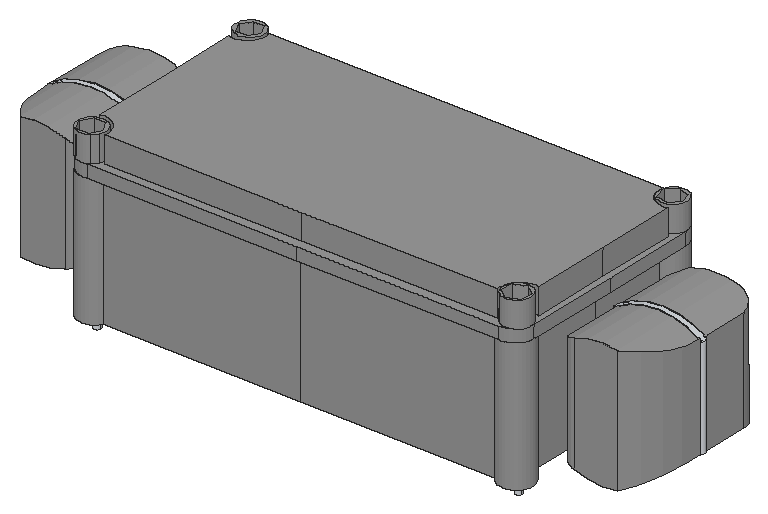
Revit family "CWP2LIFE-PRO-WPPOD-HV", category Lighting Fixtures, host Face, Revit 2020
Family settings
  Host = Face
  Round Connector Dimension = Use Diameter
  Part Type = Normal
  OmniClass Number = 23.80.70.11.21
  OmniClass Title = Emergency Lighting
  Cut with Voids When Loaded = No
  Light Source = Yes
  Shared = No
  Room Calculation Point = No
Parameters
  built-in parameter 1150107 = 3200 (stored number, unit not read)
  Straight line 'Face two' = no
  Straight line 'Face one' = no
  Straight line = no
  Runing Man common arrow = no
  Wattage = 9.2903 W
  built-in parameter 1150110 = 1 (stored number, unit not read)
  built-in parameter 1150109 = 1 (stored number, unit not read)
  built-in parameter 1114218 = 1 (stored number, unit not read)
  built-in parameter 1150113 = 1 (stored number, unit not read)
  built-in parameter 1150112 = 1 (stored number, unit not read)
  built-in parameter 1150137 = (empty or 0)
  built-in parameter 1150132 = (empty or 0)
  Model = ""
  Material = Clevertronics_White
  built-in parameter 1150105 = 109.82 (stored number, unit not read)
  built-in parameter 1150102 = (empty or 0)
  Dimming Lamp Color Temperature Shift = (empty or 0)
  Lumens = 1380 lm
  Color Filter = 16777215
  Photometric Web File = "CWP2LIFE-PRO-WPPOD_IESR_E_669-3_20180810.ies"
  built-in parameter 1114217 = 1 (stored number, unit not read)
  built-in parameter 1150139 = (empty or 0)
  Manufacturer = "Clevertronics"  # constant formula
  Lamp = "Twin Dual LED (Lifetime warranty on the lamp head and loom assembly)"  # constant formula
  Indication Right 'Face one' = no
  Indication Right = no
  Indication Left 'Face one' = yes
  Indication Left 'Face Two' = no
  Indication Left = yes
  built-in parameter 1150104 = 13.8 (stored number, unit not read)
  built-in parameter 1150106 = 1.0982 (stored number, unit not read)
  built-in parameter 1150115 = 1 (stored number, unit not read)
  built-in parameter 1150114 = 1 (stored number, unit not read)
  Description = "LP Premium LifeLight PRO, high performance, surface mounted IP65 Emergency with twin\r\nrotatable LED Pods"  # constant formula
  Default Elevation = 2100 mm
  built-in parameter 1150138 = (empty or 0)
  built-in parameter 1150134 = 3
  Clevertronics_Weight = "3.4kg"  # constant formula
  Clevertronics_Testing System = "Zoneworks XT HIVE (RF)"  # constant formula
  Clevertronics_Replacement Lamp = "2750353"  # constant formula
  Clevertronics_Replacement Battery = "1550050:Battery, LP 3.2V 3200mAh 70mm lead, no Bracket"  # constant formula
  Clevertronics_Product Description = "LP Premium LifeLight PRO, high performance, surface mounted IP65 Emergency with twin rotatable LED Pods"  # constant formula
  Clevertronics_Power Consumption = "0.8 Watts (Standby), 5.5 Watts (Max)"  # constant formula
  Clevertronics_Part Number = "CWP2LIFE-PRO-WPPOD-HV"  # constant formula
  Clevertronics_Operating Voltage = "240V AC; 50Hz"  # constant formula
  Clevertronics_Operating Temperature = "0˚C to 40˚C"  # constant formula
  Clevertronics_Operating Mode = "Non-maintained"  # constant formula
  Clevertronics_Mounting = "Surface mount"  # constant formula
  Clevertronics_MIC Number = "AUT02820100001"  # constant formula
  Clevertronics_IP Rating = "IP65"  # constant formula
  Clevertronics_Dimensions Main Enclosure = "520mm x 180mm x 135mm"  # constant formula
  Clevertronics_Dimensions LED Enclosure = ""
  Clevertronics_Construction = "Polycarbonate"  # constant formula
  Clevertronics_Charger Method = "Intelligent current limited constant voltage"  # constant formula
  Clevertronics_Battery Type = "Lithium Iron Phosphate"  # constant formula
  Clevertronics_Battery = "3.2V 3200mAh"  # constant formula
  Clevertronics_AS2293 Classification = "C0=D160 C90=D160"  # constant formula
  Tilt Angle = -60.00°
  built-in parameter 1150133 = 10 (stored number, unit not read)
  Apparent Load = 5.5 VA
Reference planes
  plane 1 "Centre (Front/Back)": y = 0
  plane 2: z = 0
  plane 3 "Centre (Left/Right)": x = 0
  plane 4: x = -260
  plane 5: x = 260
  plane 6: x = -180
  plane 7: x = 180
  plane 8: z = 135
  plane 9: z = 88.893
  plane 10: z = 90.032
  plane 11: z = 90.032
  plane 12: x = -226.351
  plane 13: y = 72.701
  plane 14: x = 226.351
  plane 15: y = 72.701
  plane 16: y = 36.567
  plane 17: y = 36.055
  plane 18: y = 36.055
  plane 19: x = -226.351
  plane 20: z = 62.299
  plane 21: x = 226.351
  plane 22: z = 62.299
Forms (mm)
  Extrusion 1, solid, material "Plastic, Opaque Black", not visible
    sketch origin (0.434, 0, -1.107) x (1, 0, 0) y (0, 0, 1)
      loop
        line (167.5, 90) -> (167.5, 153.759)
        arc (167.5, 153.759) -> (176.678, 174.399) -> (154.099, 173.75) r 13.346
        line (154.099, 173.75) -> (0, 173.75) -> (-157.642, 173.75)
        arc (-157.642, 173.75) -> (-180.146, 174.512) -> (-171.312, 153.801) r 13.346
        line (-171.312, 153.801) -> (-171.312, 90) -> (-171.312, 26.597)
        arc (-171.312, 26.597) -> (-181.17, 6.239) -> (-158.551, 6.25) r 13.346
        line (-158.551, 6.25) -> (0, 6.25) -> (154.099, 6.25)
        arc (154.099, 6.25) -> (176.678, 5.601) -> (167.5, 26.241) r 13.346
        line (167.5, 26.241) -> (167.5, 90)
    from -15.011 to -135
  Extrusion 2, solid, material "Plastic, Opaque Black", not visible
    sketch origin (0.813, 0, -0.543) x (1, 0, 0) y (0, 0, 1)
      loop
        arc (-175.488, 179.053) -> (-180.882, 174.233) -> (-183.423, 167.462) r 15.135
        arc (-183.423, 167.462) -> (-160.983, 160.611) -> (-175.488, 179.053) r 12.295
    from -15.011 to 0
  Extrusion 3, void, not visible
    sketch origin (-0.097, 0, 0.032) x (1, 0, 0) y (0, 0, 1)
      loop
        line (-166.821, 177.777) -> (-177.974, 174.788) -> (-180.963, 163.635) -> (-172.798, 155.47) -> (-161.644, 158.458) -> (-158.656, 169.612) -> (-166.821, 177.777)
    from -15.011 to 0
  Extrusion 4, solid, not visible
    sketch origin (-0.097, 0, 0.032) x (1, 0, 0) y (0, 0, 1)
      loop
        circle (168.404, 167.557) r 2.735
      loop
        circle (-168.404, 167.557) r 2.735
      loop
        circle (-168.404, 12.443) r 2.735
      loop
        circle (168.404, 12.443) r 2.735
    from -143.943 to -121.835
  Extrusion 5, solid, material "Plastic, Opaque Black", not visible
    sketch origin (1.371, 12.5, 0.032) x (0, 1, 0) y (0, 0, -1)
      loop
        circle (59.358, -90) r 11
    from 172.249 to 196.249
  Extrusion 6, solid, material "Plastic, Opaque Black", not visible
    sketch origin (-1.566, 12.5, 0.032) x (0, 1, 0) y (0, 0, 1)
      loop
        circle (59.358, 90) r 11
    from 172.249 to 196.249
  Extrusion 7, solid, material "Plastic, Opaque Black", not visible
    sketch origin (2.403, 135, 0.032) x (1, 0, 0) y (0, 0, -1)
      loop
        line (-182.781, -90) -> (-182.781, -165)
        arc (-182.781, -165) -> (-177.609, -176.393) -> (-165.629, -180) r 15.135
        line (-165.629, -180) -> (0, -180) -> (160.445, -180)
        arc (160.445, -180) -> (172.426, -176.393) -> (177.597, -165) r 15.135
        line (177.597, -165) -> (177.597, -90) -> (177.597, -13.75)
        arc (177.597, -13.75) -> (170.627, -1.006) -> (156.137, 0) r 15.135
        line (156.137, 0) -> (0, 0) -> (-161.321, 0)
        arc (-161.321, 0) -> (-175.811, -1.006) -> (-182.781, -13.75) r 15.135
        line (-182.781, -13.75) -> (-182.781, -90)
    from -119.989 to -108.841
  Extrusion 8, solid, material "Plastic, Opaque Black", not visible
    sketch origin (-0.097, 135, 0.032) x (1, 0, 0) y (0, 0, -1)
      loop
        arc (-175.137, -154.19) -> (-160.832, -158.237) -> (-157.036, -172.61) r 15
        line (-157.036, -172.61) -> (0.531, -172.61) -> (157.036, -172.61)
        arc (157.036, -172.61) -> (160.832, -158.237) -> (175.137, -154.19) r 15
        line (175.137, -154.19) -> (175.137, -90) -> (175.137, -25.81)
        arc (175.137, -25.81) -> (160.832, -21.763) -> (157.036, -7.39) r 15
        line (157.036, -7.39) -> (0.531, -7.39) -> (-157.036, -7.39)
        arc (-157.036, -7.39) -> (-160.832, -21.763) -> (-175.137, -25.81) r 15
        line (-175.137, -25.81) -> (-175.137, -90) -> (-175.137, -154.19)
    from -119.989 to -127.534
  Extrusion 9, solid, material "Plastic, Opaque Black", not visible
    sketch origin (307.03, 135, -15.069) x (1, 0, 0) y (0, 0, -1)
      loop
        circle (-138.804, -182.699) r 11
    from -135 to -114.915
  Extrusion 10, solid, material "Plastic, Opaque Black", not visible
    sketch origin (306.874, 135, 193.571) x (1, 0, 0) y (0, 0, -1)
      loop
        arc (-145.569, 191.608) -> (-147.471, 189.713) -> (-149.008, 187.511) r 15.135
        arc (-149.008, 187.511) -> (-130.225, 175.235) -> (-145.569, 191.608) r 11.3
    from -135 to -114.915
  Extrusion 11, solid, material "Plastic, Opaque Black", not visible
    sketch origin (-307.068, 135, 193.571) x (-1, 0, 0) y (0, 0, 1)
      loop
        arc (-143.85, -191.764) -> (-127.42, -174.478) -> (-147.289, -187.668) r 12
        arc (-147.289, -187.668) -> (-145.752, -189.869) -> (-143.85, -191.764) r 15.135
    from -135 to -114.915
  Extrusion 12, void, not visible
    sketch origin (-0.097, 134.989, 0.032) x (1, 0, 0) y (0, 0, -1)
      loop
        line (-170.288, -22.701) -> (-160.288, -16.928) -> (-160.288, -5.381) -> (-170.288, 0.393) -> (-180.288, -5.381) -> (-180.288, -16.928) -> (-170.288, -22.701)
    from -134.989 to -119.989
  Extrusion 13, void, not visible
    sketch origin (-0.41, 134.989, 0.032) x (1, 0, 0) y (0, 0, -1)
      loop
        line (159.928, -173.668) -> (169.806, -178.066) -> (178.34, -171.865) -> (177.21, -161.112) -> (167.573, -156.821) -> (158.825, -163.177) -> (159.928, -173.668)
    from -135 to -119.989
  Extrusion 14, void, not visible
    sketch origin (-0.41, 135, -0.28) x (1, 0, 0) y (0, 0, -1)
      loop
        line (164.895, -21.167) -> (175.272, -19.338) -> (178.876, -9.435) -> (172.103, -1.363) -> (161.725, -3.193) -> (158.121, -13.095) -> (164.895, -21.167)
    from -135 to -119.989
  Extrusion 15, solid, material "Glass, Matte", not visible
    sketch origin (0.05, 0, -33.75) x (1, 0, 0) y (0, 0, 1)
      loop
        line (-194.841, 112.413) -> (-259.656, 112.413)
        arc (-259.656, 112.413) -> (-254.739, 82.736) -> (-238.501, 57.413) r 74.597
        line (-238.501, 57.413) -> (-203.501, 57.413)
        arc (-203.501, 57.413) -> (-198.345, 58.484) -> (-194.841, 62.413) r 8.399
        line (-194.841, 62.413) -> (-194.841, 112.413)
    from -21.055 to -124.118
  Extrusion 16, solid, not visible
    sketch origin (5.003, 0, -33.75) x (1, 0, 0) y (0, 0, 1)
      loop
        line (-264.82, 112.376) -> (-231.354, 112.376) -> (-197.548, 112.376)
        arc (-197.548, 112.376) -> (-194.969, 114.978) -> (-197.593, 117.534) r 2.579
        line (-197.593, 117.534) -> (-231.354, 117.534) -> (-264.774, 117.534)
        arc (-264.774, 117.534) -> (-267.398, 114.978) -> (-264.82, 112.376) r 2.579
    from -21.055 to -124.118
  Extrusion 17, solid, material "Plastic, Opaque Black", not visible
    sketch origin (-455.196, 0, 195.355) x (-0.999987, 0, -0.005135) y (0.005135, 0, -0.999987)
      loop
        line (-194.841, 112.773) -> (-259.656, 112.773) -> (-259.656, 73.919)
        arc (-259.656, 73.919) -> (-256.152, 64.124) -> (-247.229, 58.775) r 15.441
        line (-247.229, 58.775) -> (-211.129, 58.775)
        arc (-211.129, 58.775) -> (-200.008, 63.146) -> (-194.841, 73.919) r 16.331
        line (-194.841, 73.919) -> (-194.841, 112.773)
    from -21.055 to -124.118
  Extrusion 18, void, not visible
    sketch origin (-0.163, 0.115, 0) x (-1, 0, 0) y (0, -1, 0)
      loop
        line (187.287, -133.323) -> (264.787, -133.323) -> (264.787, -110.324)
        arc (264.787, -110.324) -> (226.037, -123.825) -> (187.287, -110.324) r 62.361
        line (187.287, -110.324) -> (187.287, -133.323)
      loop
        line (187.287, -11.851) -> (187.287, -34.849)
        arc (187.287, -34.849) -> (226.037, -21.348) -> (264.787, -34.849) r 62.361
        line (264.787, -34.849) -> (264.787, -11.851) -> (187.287, -11.851)
    from 0 to 250
  Extrusion 19, solid, material "Glass, Matte", not visible
    sketch origin (-0.05, 0, -33.75) x (-1, 0, 0) y (0, 0, -1)
      loop
        line (-194.841, -112.413) -> (-194.841, -62.413)
        arc (-194.841, -62.413) -> (-198.345, -58.484) -> (-203.501, -57.413) r 8.399
        line (-203.501, -57.413) -> (-238.501, -57.413)
        arc (-238.501, -57.413) -> (-254.739, -82.736) -> (-259.656, -112.413) r 74.597
        line (-259.656, -112.413) -> (-194.841, -112.413)
    from -21.055 to -124.118
  Extrusion 20, solid, not visible
    sketch origin (-5.003, 0, -33.75) x (-1, 0, 0) y (0, 0, -1)
      loop
        arc (-264.82, -112.376) -> (-267.398, -114.978) -> (-264.774, -117.534) r 2.579
        line (-264.774, -117.534) -> (-231.354, -117.534) -> (-197.593, -117.534)
        arc (-197.593, -117.534) -> (-194.969, -114.978) -> (-197.548, -112.376) r 2.579
        line (-197.548, -112.376) -> (-231.354, -112.376) -> (-264.82, -112.376)
    from -21.055 to -124.118
  Extrusion 21, solid, material "Plastic, Opaque Black", not visible
    sketch origin (455.196, 0, 195.355) x (0.999987, 0, -0.005135) y (0.005135, 0, 0.999987)
      loop
        line (-194.841, -112.773) -> (-194.841, -73.919)
        arc (-194.841, -73.919) -> (-200.008, -63.146) -> (-211.129, -58.775) r 16.331
        line (-211.129, -58.775) -> (-247.229, -58.775)
        arc (-247.229, -58.775) -> (-256.152, -64.124) -> (-259.656, -73.919) r 15.441
        line (-259.656, -73.919) -> (-259.656, -112.773) -> (-194.841, -112.773)
    from -21.055 to -124.118
  Extrusion 22, void, not visible
    sketch origin (0.163, 0.115, 0) x (1, 0, 0) y (0, 1, 0)
      loop
        line (187.287, 133.323) -> (187.287, 110.324)
        arc (187.287, 110.324) -> (226.037, 123.825) -> (264.787, 110.324) r 62.361
        line (264.787, 110.324) -> (264.787, 133.323) -> (187.287, 133.323)
      loop
        line (187.287, 11.851) -> (264.787, 11.851) -> (264.787, 34.849)
        arc (264.787, 34.849) -> (226.037, 21.348) -> (187.287, 34.849) r 62.361
        line (187.287, 34.849) -> (187.287, 11.851)
    from 0 to 250
  Extrusion 23, solid, material "Laminate, White"
    sketch origin (0.434, -53.433, 135) x (1, 0, 0) y (0, 1, 0)
      loop
        line (167.5, 90) -> (167.5, 153.759)
        arc (167.5, 153.759) -> (176.678, 174.399) -> (154.099, 173.75) r 13.346
        line (154.099, 173.75) -> (0, 173.75) -> (-157.642, 173.75)
        arc (-157.642, 173.75) -> (-180.146, 174.512) -> (-171.312, 153.801) r 13.346
        line (-171.312, 153.801) -> (-171.312, 90) -> (-171.312, 26.597)
        arc (-171.312, 26.597) -> (-181.17, 6.239) -> (-158.551, 6.25) r 13.346
        line (-158.551, 6.25) -> (0, 6.25) -> (154.831, 6.25)
        arc (154.831, 6.25) -> (177.612, 5.91) -> (167.5, 26.326) r 13.346
        line (167.5, 26.326) -> (167.5, 90)
    from -30 to -135
  Extrusion 24, solid
    sketch origin (-0.097, -52.294, 135) x (1, 0, 0) y (0, 1, 0)
      loop
        circle (168.404, 167.557) r 2.735
      loop
        circle (-168.404, 167.557) r 2.735
      loop
        circle (-168.404, 12.443) r 2.735
      loop
        circle (168.404, 12.443) r 2.735
    from -143.943 to -130
  Extrusion 25, solid, material "Laminate, White"
    sketch origin (1.371, -52.294, 122.5) x (0, 0, -1) y (0, -1, 0)
      loop
        circle (59.358, -90) r 11
    from 172.249 to 196.249
  Extrusion 26, solid, material "Laminate, White"
    sketch origin (-1.566, -52.294, 122.5) x (0, 0, -1) y (0, 1, 0)
      loop
        circle (59.358, 90) r 11
    from 172.249 to 196.249
  Extrusion 27, solid, material "Laminate, White"
    sketch origin (2.343, 126.055, 246.281) x (1, 0, 0) y (0, 1, 0)
      loop
        line (-185.208, -90) -> (-185.208, -165)
        arc (-185.208, -165) -> (-180.037, -176.393) -> (-168.056, -180) r 15.135
        line (-168.056, -180) -> (0, -180) -> (160.445, -180)
        arc (160.445, -180) -> (172.426, -176.393) -> (177.597, -165) r 15.135
        line (177.597, -165) -> (177.597, -90) -> (177.597, -13.75)
        arc (177.597, -13.75) -> (170.627, -1.006) -> (156.137, 0) r 15.135
        line (156.137, 0) -> (0, 0) -> (-163.748, 0)
        arc (-163.748, 0) -> (-178.239, -1.006) -> (-185.208, -13.75) r 15.135
        line (-185.208, -13.75) -> (-185.208, -90)
    from -131.343 to -141.343
  Extrusion 28, solid, material "Laminate, White"
    sketch origin (-0.157, 126.055, 251.281) x (1, 0, 0) y (0, 1, 0)
      loop
        arc (-175.137, -154.19) -> (-160.832, -158.237) -> (-157.036, -172.61) r 15
        line (-157.036, -172.61) -> (0.531, -172.61) -> (157.036, -172.61)
        arc (157.036, -172.61) -> (160.832, -158.237) -> (175.137, -154.19) r 15
        line (175.137, -154.19) -> (175.137, -90) -> (175.137, -25.81)
        arc (175.137, -25.81) -> (160.832, -21.763) -> (157.036, -7.39) r 15
        line (157.036, -7.39) -> (0.531, -7.39) -> (-157.036, -7.39)
        arc (-157.036, -7.39) -> (-160.832, -21.763) -> (-175.137, -25.81) r 15
        line (-175.137, -25.81) -> (-175.137, -90) -> (-175.137, -154.19)
    from -115.903 to -136.343
  Extrusion 29, solid, material "Laminate, White"
    sketch origin (306.784, -67.806, 258.781) x (1, 0, 0) y (0, 1, 0)
      loop
        arc (-145.569, 191.608) -> (-147.471, 189.713) -> (-149.008, 187.511) r 15.135
        arc (-149.008, 187.511) -> (-130.225, 175.235) -> (-145.569, 191.608) r 11.3
    from -143.843 to -123.403
  Extrusion 30, solid, material "opaque"
    sketch origin (0.05, -86.076, 135) x (1, 0, 0) y (0, 1, 0)
      loop
        line (-194.841, 112.413) -> (-259.656, 112.413)
        arc (-259.656, 112.413) -> (-254.739, 82.736) -> (-238.501, 57.413) r 74.597
        line (-238.501, 57.413) -> (-203.501, 57.413)
        arc (-203.501, 57.413) -> (-198.345, 58.484) -> (-194.841, 62.413) r 8.399
        line (-194.841, 62.413) -> (-194.841, 112.413)
    from -21.055 to -124.118
  Extrusion 31, solid
    sketch origin (5.003, -86.076, 135) x (1, 0, 0) y (0, 1, 0)
      loop
        line (-264.82, 112.376) -> (-231.354, 112.376) -> (-197.548, 112.376)
        arc (-197.548, 112.376) -> (-194.969, 114.978) -> (-197.593, 117.534) r 2.579
        line (-197.593, 117.534) -> (-231.354, 117.534) -> (-264.774, 117.534)
        arc (-264.774, 117.534) -> (-267.398, 114.978) -> (-264.82, 112.376) r 2.579
    from -21.055 to -124.118
  Extrusion 32, solid, material "Laminate, White"
    sketch origin (-455.196, 143.029, 135) x (-0.999987, -0.005135, 0) y (0.005135, -0.999987, 0)
      loop
        line (-194.841, 112.773) -> (-259.656, 112.773) -> (-259.656, 73.919)
        arc (-259.656, 73.919) -> (-256.152, 64.124) -> (-247.229, 58.775) r 15.441
        line (-247.229, 58.775) -> (-211.129, 58.775)
        arc (-211.129, 58.775) -> (-200.008, 63.146) -> (-194.841, 73.919) r 16.331
        line (-194.841, 73.919) -> (-194.841, 112.773)
    from -21.055 to -124.118
  Extrusion 33, void
    sketch origin (-0.163, -52.326, 134.885) x (-1, 0, 0) y (0, 0, 1)
      loop
        line (187.287, -133.323) -> (264.787, -133.323) -> (264.787, -110.324)
        arc (264.787, -110.324) -> (226.037, -123.825) -> (187.287, -110.324) r 62.361
        line (187.287, -110.324) -> (187.287, -133.323)
      loop
        line (187.287, -11.851) -> (187.287, -34.849)
        arc (187.287, -34.849) -> (226.037, -21.348) -> (264.787, -34.849) r 62.361
        line (264.787, -34.849) -> (264.787, -11.851) -> (187.287, -11.851)
    from 0 to 250
  Extrusion 34, solid, material "opaque"
    sketch origin (-0.05, -86.076, 135) x (-1, 0, 0) y (0, -1, 0)
      loop
        line (-194.841, -112.413) -> (-194.841, -62.413)
        arc (-194.841, -62.413) -> (-198.345, -58.484) -> (-203.501, -57.413) r 8.399
        line (-203.501, -57.413) -> (-238.501, -57.413)
        arc (-238.501, -57.413) -> (-254.739, -82.736) -> (-259.656, -112.413) r 74.597
        line (-259.656, -112.413) -> (-194.841, -112.413)
    from -21.055 to -124.118
  Extrusion 35, solid
    sketch origin (-5.003, -86.076, 135) x (-1, 0, 0) y (0, -1, 0)
      loop
        arc (-264.82, -112.376) -> (-267.398, -114.978) -> (-264.774, -117.534) r 2.579
        line (-264.774, -117.534) -> (-231.354, -117.534) -> (-197.593, -117.534)
        arc (-197.593, -117.534) -> (-194.969, -114.978) -> (-197.548, -112.376) r 2.579
        line (-197.548, -112.376) -> (-231.354, -112.376) -> (-264.82, -112.376)
    from -21.055 to -124.118
  Extrusion 36, solid, material "Laminate, White"
    sketch origin (455.196, 143.029, 135) x (0.999987, -0.005135, 0) y (0.005135, 0.999987, 0)
      loop
        line (-194.841, -112.773) -> (-194.841, -73.919)
        arc (-194.841, -73.919) -> (-200.008, -63.146) -> (-211.129, -58.775) r 16.331
        line (-211.129, -58.775) -> (-247.229, -58.775)
        arc (-247.229, -58.775) -> (-256.152, -64.124) -> (-259.656, -73.919) r 15.441
        line (-259.656, -73.919) -> (-259.656, -112.773) -> (-194.841, -112.773)
    from -21.055 to -124.118
  Extrusion 37, void
    sketch origin (0.163, -52.326, 134.885) x (1, 0, 0) y (0, 0, -1)
      loop
        line (187.287, 133.323) -> (187.287, 110.324)
        arc (187.287, 110.324) -> (226.037, 123.825) -> (264.787, 110.324) r 62.361
        line (264.787, 110.324) -> (264.787, 133.323) -> (187.287, 133.323)
      loop
        line (187.287, 11.851) -> (264.787, 11.851) -> (264.787, 34.849)
        arc (264.787, 34.849) -> (226.037, 21.348) -> (187.287, 34.849) r 62.361
        line (187.287, 34.849) -> (187.287, 11.851)
    from 0 to 250
  Extrusion 38, solid, material "Laminate, White"
    sketch origin (-309.716, -66.712, 251.281) x (-1, 0, 0) y (0, -1, 0)
      loop
        arc (-145.569, -191.608) -> (-130.225, -175.235) -> (-149.008, -187.511) r 11.3
        arc (-149.008, -187.511) -> (-147.471, -189.713) -> (-145.569, -191.608) r 15.135
    from -136.343 to -115.903
  Extrusion 39, solid, material "Laminate, White"
    sketch origin (-309.56, 140.071, 251.281) x (-1, 0, 0) y (0, -1, 0)
      loop
        arc (-145.569, 191.608) -> (-147.471, 189.713) -> (-149.008, 187.511) r 15.135
        arc (-149.008, 187.511) -> (-130.225, 175.235) -> (-145.569, 191.608) r 11.3
    from -136.343 to -115.903
  Extrusion 40, solid, material "Laminate, White"
    sketch origin (307.097, 141.165, 258.781) x (1, 0, 0) y (0, 1, 0)
      loop
        arc (-145.569, -191.608) -> (-130.225, -175.235) -> (-149.008, -187.511) r 11.3
        arc (-149.008, -187.511) -> (-147.471, -189.713) -> (-145.569, -191.608) r 15.135
    from -143.843 to -123.403
  Extrusion 41, void
    sketch origin (0.565, 0.625, -15.061) x (1, 0, 0) y (0, 1, 0)
      loop
        line (-166.454, 123.546) -> (-176.018, 123.546) -> (-180.8, 115.263) -> (-176.018, 106.98) -> (-166.454, 106.98) -> (-161.672, 115.263) -> (-166.454, 123.546)
    from 131.308 to 163.58
  Extrusion 42, void
    sketch origin (-0.528, -0.469, -7.561) x (1, 0, 0) y (0, 1, 0)
      loop
        line (158.746, 117.974) -> (161.332, 108.322) -> (170.983, 105.736) -> (178.048, 112.801) -> (175.462, 122.453) -> (165.811, 125.039) -> (158.746, 117.974)
    from 131.308 to 151.428
  Extrusion 43, void
    sketch origin (0.565, 0.938, -7.561) x (1, 0, 0) y (0, 1, 0)
      loop
        line (168.253, -32.155) -> (158.919, -36.507) -> (158.021, -46.767) -> (166.458, -52.675) -> (175.792, -48.322) -> (176.69, -38.062) -> (168.253, -32.155)
    from 131.308 to 156.891
  Extrusion 44, void
    sketch origin (-3.185, -1.771, -15.061) x (1, 0, 0) y (0, 1, 0)
      loop
        line (-172.955, -32.144) -> (-177.959, -40.812) -> (-172.955, -49.479) -> (-162.947, -49.479) -> (-157.943, -40.812) -> (-162.947, -32.144) -> (-172.955, -32.144)
    from 131.308 to 151.428
Cuts and joins
  Extrusion 33 cuts Extrusion 30
  Extrusion 33 cuts Extrusion 31
  Extrusion 33 cuts Extrusion 32
  Extrusion 37 cuts Extrusion 34
  Extrusion 37 cuts Extrusion 35
  Extrusion 37 cuts Extrusion 36
  Extrusion 41 cuts Extrusion 38
  Extrusion 42 cuts Extrusion 29
  Extrusion 43 cuts Extrusion 40
  Extrusion 44 cuts Extrusion 39
Dimensions and locks
  plane 5 to plane 4 = 520 mm
  plane 8 to level = 135 mm  (x2)
  plane 5 to plane 3 "Centre (Left/Right)" to plane 4 = 260 mm, 260 mm
  plane 6 to plane 4 = 80 mm
  plane 5 to plane 7 = 80 mm
  plane 4 to plane 5 = 520 mm
  Extrusion 27 to Extrusion 27 = 180 mm
  aligned and locked: plane 2 to host face
  aligned and locked: level to host face
Connectors
  electrical at (-1.125, 36.607, 0)
    settings: on Extrusion 23, index 1, voltage 0 V, apparent load 0 VA, apparent load phase1 0 VA, apparent load phase2 0 VA, apparent load phase3 0 VA, power factor 1, load classification "Autre", number of poles 1, system type 31, power factor state 1, is connector primary yes, connector utility no, sub classification motor no, connector description ""
